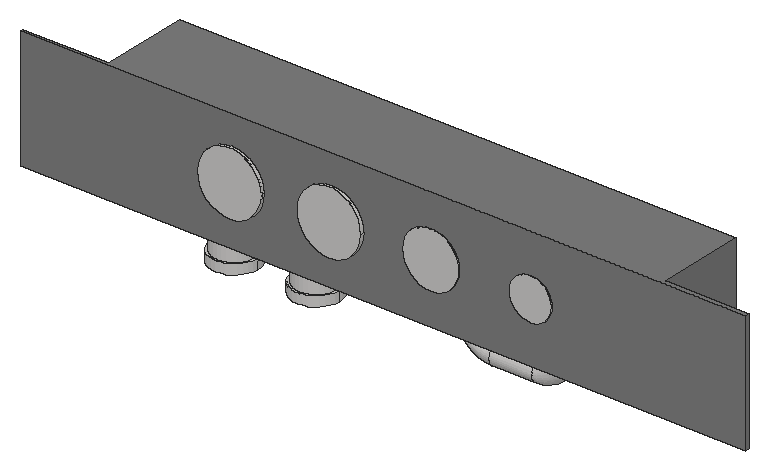
Revit family "5400NVA4", category Generic Models, Revit 2012
Parameters (values of type "Standard")
  e-mail = "info@vola.com"
  URL = "http://vola.com"
  Telephone = "+45 7023 5500"
  Quality management standard = "ISO 9001"
  Organisation no. / DUNS no. = "17531328"
  Occupational health and safety management standard = "ISO 18001"
  Mounting Instructions = "http://vola.com/service/producturl.ashx?name=5400NV"
  Model = "5400NVA4"
  Materials and components information = "http://vola.com/service/producturl.ashx?name=5400NV"
  Manufacturer = "VOLA A/S"
  Maintenance Instructions = "http://vola.com/service/producturl.ashx?name=5400NV"
  Guarantee = "2 years"
  Flow = "43,00 l/min"
  Environmental management standard = "ISO 14000"
  Connection - All relevant connections = ""
  Approvals = "http://vola.com/service/producturl.ashx?name=5400NV"
Reference planes
  plane 1 "Center (Front/Back)": y = 0
  plane 2: z = 0
  plane 3 "Center (Left/Right)": x = 0
  plane 4 "Inlet Center Plane": y = -29
  plane 5: z = 0
Forms (mm)
  Extrusion 1, solid, material "Default"
    sketch origin (10, 0, -69) x (1, 0, 0) y (0, 1, 0)
      loop
        line (-147.5, 0) -> (-147.5, -69) -> (288.5, -69) -> (288.5, 0) -> (-147.5, 0)
    from 21.5 to 116.5
  Extrusion 2, solid, material "Default"
    sketch origin (10, -1, -69) x (1, 0, 0) y (0, 1, 0)
      loop
        line (-215, -68) -> (-215, -70.5) -> (353.5, -70.5) -> (353.5, -68) -> (-215, -68)
    from 21.5 to 116.5
  Extrusion 3, solid, material "Stainless Steel"
    sketch origin (-59, -4, -47.5) x (0, 1, 0) y (1, 0, 0)
      loop
        circle (-25, -12) r 16.5
    from 0 to 29.77
  Extrusion 4, solid, material "Stainless Steel"
    sketch origin (5, -4, -47.5) x (0, 1, 0) y (1, 0, 0)
      loop
        circle (-25, -12) r 16.5
    from 0 to 29.77
  Extrusion 5, solid, material "Stainless Steel"
    sketch origin (-51.5, -71.5, -69) x (-1, 0, 0) y (0, 0, -1)
      loop
        circle (-12.5, -69) r 24.89
    from 0 to 2.5
  Extrusion 6, solid, material "Stainless Steel"
    sketch origin (26.5, -71.5, -69) x (-1, 0, 0) y (0, 0, -1)
      loop
        circle (-12.5, -69) r 24.89
    from 0 to 2.5
  Extrusion 7, solid, material "Stainless Steel"
    sketch origin (65.5, -71.5, -69) x (-1, 0, 0) y (0, 0, -1)
      loop
        circle (-51.5, -69) r 22
    from 0 to 0.26
  Extrusion 8, solid, material "Stainless Steel"
    sketch origin (-59, -4, -77.27) x (-1, 0, 0) y (0, 1, 0)
      loop
        circle (12, -25) r 18.5
    from 0 to 7.73
  Extrusion 9, solid, material "Stainless Steel"
    sketch origin (5, -4, -77.27) x (-1, 0, 0) y (0, 1, 0)
      loop
        circle (12, -25) r 18.5
    from 0 to 7.73
  Sweep 10, solid, material "Stainless Steel"
    path origin (92, -35.26, 1134.2) x (-1, 0, 0) y (0, 0, 1)
      loop
        line (-25, -1181.7) -> (-25, -1186.2)
        arc (-25, -1186.2) -> (-31.59, -1202.11) -> (-47.5, -1208.7) r 22.5
        line (-47.5, -1208.7) -> (-80.5, -1208.7)
        arc (-80.5, -1208.7) -> (-96.41, -1202.11) -> (-103, -1186.2) r 22.5
        line (-103, -1186.2) -> (-103, -1181.7)
    profile origin (117, -35.26, -49.75) x (0, 1, 0) y (-1, 0, 0)
      loop
        circle (0, 0) r 7.5
  Extrusion 11, solid, material "Stainless Steel"
    sketch origin (143.5, -71.5, -69) x (-1, 0, 0) y (0, 0, -1)
      loop
        circle (-51.5, -69) r 16.5
    from 0 to 0.26
Cuts and joins
  joined: Extrusion 1, Extrusion 2
Lines and regions (mm)
  reference lines
    curve 1: line (117, -29, 0) -> (117, -121.5, 0)
    curve 2: line (39, -29, 0) -> (39, -121.5, 0)
    curve 3: line (-39, -29, 0) -> (-39, -121.5, 0)
    curve 4: line (-71, -29, 0) -> (-71, -29, -99)
    curve 5: line (-7, -29, 0) -> (-7, -29, -99)
    curve 6: line (117, -35.26, 97.5) -> (117, -35.26, -97.5)
    curve 7: line (195, -29, 0) -> (195, -121.5, 0)
Dimensions and locks
  aligned and locked: plane 2 to level
  aligned and locked: Extrusion 1 to Extrusion 2
  aligned and locked: Extrusion 2 to Extrusion 1
